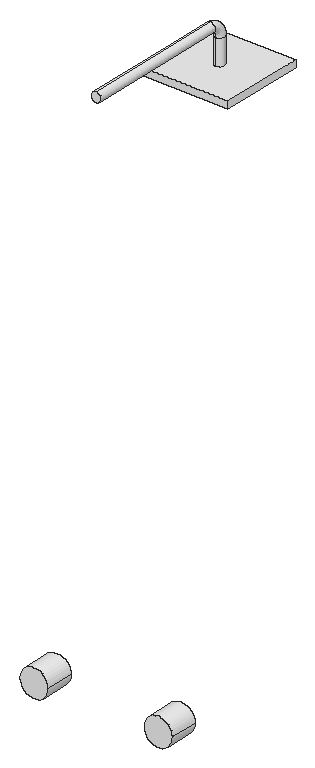
Revit family "Chuveiro_Parede_Q", category Plumbing Fixtures, host Wall, Revit 2025
Family settings
  Host = Wall
  Round Connector Dimension = Use Diameter
  Part Type = Normal
  OmniClass Number = 23.45.00.00
  OmniClass Title = Sanitary, Laundry, and Cleaning Equipment
  Enable Cutting in Views = No
  Always vertical = Yes
  Cut with Voids When Loaded = No
  Maintain Annotation Orientation = No
  Shared = No
  Room Calculation Point = No
Parameters (values of type "CHV_PAR")
  Material_Chuveiro = CT_Cromados
  Description = "Descrição do tipo"
  Default Elevation = 0 mm
  Altura_Chuveiro = 2250 mm
  Altura Torneiras [instance] = 1080 mm
Reference planes
  plane 1: y = 0
  plane 2 "Center (Left/Right)": x = 125
  plane 3 "Back": y = 50
  plane 4: z = 2250
  plane 5: z = 1080
Forms (mm)
  Sweep 1, solid, material "CT_Cromados" <- "Material_Chuveiro"
    path origin (125, 0, 0) x (0, 1, 0) y (0, 0, 1)
      loop
        line (50, 2250) -> (355, 2250)
        arc (355, 2250) -> (372.678, 2242.678) -> (380, 2225) r 25
        line (380, 2225) -> (380, 2170)
    profile origin (125, 202.5, 2250) x (0, 0, 1) y (1, 0, 0)
      loop
        circle (0, 0) r 10
  Extrusion 2, solid, material "CT_Cromados" <- "Material_Chuveiro"
    sketch origin (125, 380, 2170) x (0, -1, 0) y (-1, 0, 0)
      loop
        line (90, -90) -> (90, 90) -> (-90, 90) -> (-90, -90) -> (90, -90)
    from 15.441 to 0
  Extrusion 3, solid, material "CT_Cromados" <- "Material_Chuveiro"
    sketch origin (-60, 50, 0) x (1, 0, 0) y (0, 0, 1)
      loop
        circle (317.921, 1080) r 30
    from 0 to -60.533
  Extrusion 4, solid, material "CT_Cromados" <- "Material_Chuveiro"
    sketch origin (310, 50, 0) x (-1, 0, 0) y (0, 0, -1)
      loop
        circle (317.921, -1080) r 30
    from 0 to -60.533
Cuts and joins
  joined: Sweep 1, Extrusion 2
Lines and regions (mm)
  model lines, style "PlumbingFixturesHiddenLines"
    curve 1: line (114.16, 291.167, 0) -> (114.16, 50, 0)
    curve 2: line (134.16, 50, 0) -> (134.16, 290.964, 0)
  model lines
    curve 3: line (35, 470, 0) -> (215, 470, 0)
    curve 4: line (215, 470, 0) -> (215, 290, 0)
    curve 5: line (215, 290, 0) -> (35, 290, 0)
    curve 6: line (35, 290, 0) -> (35, 470, 0)
Text (mm)
  text "Placement side" at (-1787.139, 592.35, 0), in view "Ref. Level"
  text "Placement side" at (0, 1827.695, 2917.686), in view "Left"
  text "Placement side" at (0, 562.268, 3853.606), in view "Right"
Dimensions and locks
  locked: plane 3 "Back" to host wall
  "Altura_Chuveiro": plane 4 to level
  "Altura Torneiras": level to plane 5
  aligned and locked: plane 1 to host wall
  aligned and locked: Extrusion 2 to Sweep 1
  aligned and locked: Sweep 1 to plane 3 "Back"
  aligned and locked: cut or joined group of Sweep 1, Extrusion 2 to curve 2
  aligned and locked: cut or joined group of Sweep 1, Extrusion 2 to curve 1
Automatic sketch dimensions
  Sweep 1 sketch curve to plane 3 "Back" = 0 mm
  Sweep 1 sketch curve to plane 4 = 0 mm
  Sweep 1 sketch curve to plane 4 = 25 mm
  Sweep 1 sketch curve to plane 3 "Back" = 305 mm
  Sweep 1 sketch curve to Sweep 1 sketch curve = 55 mm
  Sweep 1 sketch curve to plane 2 "Center (Left/Right)" = 0 mm
  Sweep 1 sketch curve to profile plane = 0 mm
  Extrusion 3 sketch curve to plane 5 = 0 mm
  plane 2 "Center (Left/Right)" to Extrusion 3 sketch curve = 132.921 mm
  Extrusion 4 sketch curve to plane 5 = 0 mm
  plane 2 "Center (Left/Right)" to Extrusion 4 sketch curve = 132.921 mm
  Extrusion 2 sketch curve to Extrusion 2 sketch curve = 180 mm  (x2)
  plane 2 "Center (Left/Right)" to curve 5 = 90 mm
  host wall to curve 5 = 240 mm
  curve 1 to plane 2 "Center (Left/Right)" = 10.84 mm
  curve 6 to plane 2 "Center (Left/Right)" = 90 mm
  plane 2 "Center (Left/Right)" to curve 2 = 9.16 mm
  curve 4 to curve 2 = 0.964 mm
  curve 5 to curve 3 = 180 mm
  curve 2 to curve 1 = 0.203 mm
  radius of Sweep 1 sketch curve = 10 mm
  radius of Extrusion 3 sketch curve = 30 mm
  radius of Extrusion 4 sketch curve = 30 mm
Connectors
  piping at (257.921, 50, 1080), diameter 15
    settings: on Extrusion 3, index 1, connector inside diameter 609.6 mm, connector length 0 mm, flow factor 0, pipe flow 0.0 L/s, pressure drop 0.0 Pa, fitting loss kfactor 0, connector angle 0.00°, fixture units 0, engagement length 0 mm, angle of deflection 0.00°, flow configuration 0, flow direction 1, fitting loss method 0, system type 19, joint type 0, gender type 0, connector reference index -1, connector utility 0, adjustable connector no, is connector primary yes, connector description ""
  piping at (-7.921, 50, 1080), diameter 15
    settings: on Extrusion 4, index 2, connector inside diameter 609.6 mm, connector length 0 mm, flow factor 0, pipe flow 0.0 L/s, pressure drop 0.0 Pa, fitting loss kfactor 0, connector angle 0.00°, fixture units 0, engagement length 0 mm, angle of deflection 0.00°, flow configuration 0, flow direction 1, fitting loss method 0, system type 20, joint type 0, gender type 0, connector reference index -1, connector utility 0, adjustable connector no, is connector primary no, connector description ""
